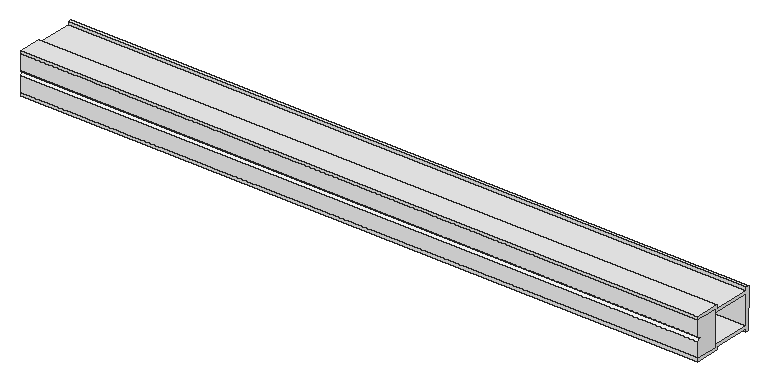
Revit family "4070748+4070746 Feilo Sylvania Lighting Fixture CURSUS 591MM 385LM WIDE LED 4K with CONTINUOUS WALL HOUSING", category Lighting Fixtures, host Face, Revit 2017
Family settings
  Host = Face
  Round Connector Dimension = Use Diameter
  Part Type = Normal
  OmniClass Number = 23.80.70.14
  OmniClass Title = Luminaries for External Lighting
  Cut with Voids When Loaded = Yes
  Light Source = Yes
  Shared = Yes
  Room Calculation Point = No
Parameters (values of type "4070748 CURSUS 591MM 385LM WIDE LED 4K")
  Width_FEILO = 35 mm
  Weight = "1.2 kg"
  Wattage Comments = "n/a"
  Wattage = 9 W
  WarrantyStartDate [instance] = "n/a"
  WarrantyGuarantorParts = "n/a"
  WarrantyDurationUnit = "n/a"
  WarrantyDurationParts = "n/a"
  WarrantyDescription = "n/a"
  WallThickness_FEILO = 2.5 mm
  built-in parameter 1150110 = 1 (stored number, unit not read)
  Voltage = 24 V
  URL = "http://www.sylvania-lighting.com"
  TypeName = "CURSUS 591MM 385LM WIDE LED 4K"
  Type Image = <None>
  Type Comments = "n/a"
  built-in parameter 1114217 = 1 (stored number, unit not read)
  Tilt Angle = -90.00°
  built-in parameter 1150109 = 1 (stored number, unit not read)
  built-in parameter 1150134 = 12
  built-in parameter 1150113 = 1 (stored number, unit not read)
  SerialNumber [instance] = "n/a"
  ReflectorMaterial = none
  PowerFactor = 0
  PowerConsumption = "9 W"
  Photometric Web File = "4070748.ies"
  NominalLength = 591 mm
  NominalHeight = 50 mm
  NominalDepth = 30 mm
  Name = "CURSUS 591MM 385LM WIDE LED 4K"
  ModelReference = Name  # "CURSUS 591MM 385LM WIDE LED 4K"
  ModelNumber = "4070748"
  Model = Name  # "CURSUS 591MM 385LM WIDE LED 4K"
  Material = "natural anodised extruded aluminium structure housing"
  ManufacturerName = "Feilo Sylvania"
  Manufacturer = "Feilo Sylvania"
  LuminousEfficacy = "42.77 lm/W"
  built-in parameter 1150105 = 212.47 (stored number, unit not read)
  Lumens = 385 lm
  LuminaireType = ""
  built-in parameter 1150115 = 1 (stored number, unit not read)
  LightOutputRatio = "100"
  built-in parameter 1150137 = (empty or 0)
  built-in parameter 1150139 = (empty or 0)
  Length_FEILO = 597 mm
  LampsType = Lamp  # "LED"
  LampNominalLuminous = "385 lm"
  LampMacAdamStep = "n/a"
  LampColourTemperature = "4000 K"
  LampColourRenderingIndex = "80"
  built-in parameter 1150112 = 1 (stored number, unit not read)
  built-in parameter 1150114 = 1 (stored number, unit not read)
  Lamp = "LED"
  Keynote = "16500"
  InstallationDate [instance] = "n/a"
  InputVoltage = "24V DC"
  InputNominalFrequency = "n/a"
  built-in parameter 1150132 = (empty or 0)
  built-in parameter 1150102 = (empty or 0)
  built-in parameter 1150107 = 4000 (stored number, unit not read)
  built-in parameter 1150138 = (empty or 0)
  IngressProtection = "IP67"
  ImpactProtectionIndex = "IK07"
  built-in parameter 1150106 = 2.1247 (stored number, unit not read)
  IfcExportType = "IfcLightFixtureType"
  IfcExportAs = "IfcLightFixtureType"
  ExpectedLife = 50000
  EndCapRight [instance] = no
  EndCapLeft [instance] = no
  Emit from Rectangle Width = Width_FEILO - WallThickness_FEILO * 2  # 30 mm
  Emit from Rectangle Length = Length_FEILO - WallThickness_FEILO * 2  # 592 mm
  Emit Shape Visible in Rendering = no
  ElectricShockClassification = "Class III"
  built-in parameter 1150104 = 3.9742 (stored number, unit not read)
  DurationUnit = "hours"
  DocumentationLiterature = "http://www.sylvania-lighting.com/product/en-int/products/4070748"
  DimmingControlOptions = "n/a"
  Dimming Lamp Color Temperature Shift = <None>
  DiffuserMaterial = Diffuser-Sylvania-Glow
  Description = "LED Exterior Lighting Recessed Surface Mounted Linear Fixture, Natural anodised extruded aluminium structure. Die-cast aluminium end caps. Installation kit with harmonic steel springs., 385 lm, 9W,  42lm/W, 4000K, CRI80+,non dimmable,IP67, IK07, (HxWxD) 591x50x30mm, 3 step Mac Adam Ellipse, 1.2kg,, Classe III, 21-25V-DC, energy class : A++, A+, A"
  Default Elevation = 1219.2 mm
  CreatedOn = "1/8/2018"
  CreatedBy = ""
  Cost = 0
  Color Filter = 16777215
  built-in parameter 1114216 [instance] = (empty or 0)
  ClassificationValue = "EF_70_80"
  ClassificationName = "Uniclass2015"
  BodyMaterial = Body-Sylvania-Gray
  BarCode [instance] = "n/a"
  built-in parameter 1114218 = 1 (stored number, unit not read)
  built-in parameter 1150133 = 10 (stored number, unit not read)
  AssetType = "Fixed"
  AssetIdentifier [instance] = "n/a"
  Assembly Code = "D5020200"
  Apparent Load = 9 VA
  AccessoryMaterial = Diffuser-Sylvania-Glow
Reference planes
  plane 1 "Center (Front/Back)": y = 0
  plane 2: z = 0
  plane 3 "Center (Left/Right)": x = 0
  plane 4: x = 298.5
  plane 5: x = -298.5
  plane 6: x = -296
  plane 7: x = 296
  plane 8: z = 35
  plane 9: z = 17.5
  plane 10: z = 32.5
  plane 11: z = 2.5
  plane 12: z = 30
  plane 13: z = 5
  plane 14: y = -55
  plane 15: y = -53
  plane 16: y = -2.5
  plane 17: y = -37
  plane 18: y = -34.5
Forms (mm)
  Extrusion 1, solid, material "Body-Sylvania-Gray" <- "BodyMaterial"
    sketch origin (0, 0, 0) x (0, 1, 0) y (0, 0, 1)
      loop
        line (0, 35) -> (-2.5, 35) -> (-2.5, 32.5) -> (-34.5, 32.5) -> (-34.5, 35) -> (-55, 35) -> (-55, 32.5) -> (-37, 32.5) -> (-37, 30) -> (-2.5, 30) -> (-2.5, 5) -> (-37, 5) -> (-37, 2.5) -> (-55, 2.5) -> (-55, 0) -> (-34.5, 0) -> (-34.5, 2.5) -> (-2.5, 2.5) -> (-2.5, 0) -> (0, 0) -> (0, 35)
    from -296 to 296
  Extrusion 2, solid, material "Diffuser-Sylvania-Glow" <- "DiffuserMaterial"
    sketch origin (0, 0, 0) x (0, 1, 0) y (0, 0, 1)
      loop
        line (-37, 32.5) -> (-55, 32.5) -> (-55, 19.5) -> (-53, 17.5) -> (-55, 15.5) -> (-55, 2.5) -> (-37, 2.5) -> (-37, 32.5)
    from -296 to 296
  Extrusion 3, solid, material "Body-Sylvania-Gray" <- "BodyMaterial", visible <- "EndCapRight"
    sketch origin (296, 1524, 1219.2) x (0, 1, 0) y (0, 0, 1)
      loop
        line (-1579, -1184.2) -> (-1579, -1219.2) -> (-1524, -1219.2) -> (-1524, -1184.2) -> (-1579, -1184.2)
    from 0 to 2.5
  Extrusion 4, solid, material "Body-Sylvania-Gray" <- "BodyMaterial", visible <- "EndCapLeft"
    sketch origin (-296, 1524, 1219.2) x (0, 1, 0) y (0, 0, 1)
      loop
        line (-1579, -1184.2) -> (-1579, -1219.2) -> (-1524, -1219.2) -> (-1524, -1184.2) -> (-1579, -1184.2)
    from -2.5 to 0
Dimensions and locks
  equal spacing: plane 5, plane 3 "Center (Left/Right)", plane 4
  "Length_FEILO": plane 5 to plane 4
  equal spacing: plane 6, plane 3 "Center (Left/Right)", plane 7
  "WallThickness_FEILO": plane 5 to plane 6
  locked: plane 9 to plane 2 at 17.5
  locked: plane 8 to plane 2 at 35
  equal spacing: plane 11, plane 9, plane 10
  equal spacing: plane 13, plane 9, plane 12
  "WallThickness_FEILO": plane 12 to plane 10
  locked: plane 14 to plane 15 at 2
  locked: plane 14 to plane 17 at 18
  "WallThickness_FEILO": plane 17 to plane 18
  "WallThickness_FEILO": plane 16 to plane 1 "Center (Front/Back)"
  locked: plane 15 to Extrusion 2 sketch curve (angle 45.00°)
  locked: Extrusion 2 sketch curve to plane 15 (angle 45.00°)
  aligned and locked: plane 2 to host face
  aligned and locked: level to host face
  aligned and locked: plane 1 "Center (Front/Back)" to Extrusion 1 sketch curve
  aligned and locked: Extrusion 1 sketch curve to plane 8  (x2)
  aligned and locked: plane 16 to Extrusion 1 sketch curve
  aligned and locked: host face to Extrusion 1 sketch curve
  aligned and locked: Extrusion 1 sketch curve to plane 16  (x2)
  aligned and locked: Extrusion 1 sketch curve to plane 11
  aligned and locked: plane 18 to Extrusion 1 sketch curve
  aligned and locked: level to Extrusion 1 sketch curve
  aligned and locked: plane 11 to Extrusion 1 sketch curve
  aligned and locked: Extrusion 1 sketch curve to plane 17
  aligned and locked: plane 13 to Extrusion 1 sketch curve
  aligned and locked: Extrusion 1 sketch curve to plane 12
  aligned and locked: plane 10 to Extrusion 1 sketch curve  (x2)
  aligned and locked: plane 17 to Extrusion 1 sketch curve  (x2)
  aligned and locked: plane 12 to Extrusion 1 sketch curve
  aligned and locked: Extrusion 1 sketch curve to plane 10
  aligned and locked: Extrusion 1 sketch curve to plane 18
  aligned and locked: plane 7 to Extrusion 1
  aligned and locked: Extrusion 1 to plane 6
  aligned and locked: Extrusion 2 sketch curve to Extrusion 1  (x4)
  aligned and locked: Extrusion 1 to Extrusion 2 sketch curve
  aligned and locked: plane 9 to Extrusion 2 sketch curve
  aligned and locked: plane 7 to Extrusion 2
  aligned and locked: Extrusion 2 to plane 6
  aligned and locked: Extrusion 3 sketch curve to Extrusion 1  (x4)
  aligned and locked: plane 4 to Extrusion 3
  aligned and locked: Extrusion 3 to plane 7
  aligned and locked: Extrusion 4 sketch curve to Extrusion 3  (x3)
  aligned and locked: Extrusion 4 sketch curve to Extrusion 1
  aligned and locked: Extrusion 4 to plane 5
  aligned and locked: plane 6 to Extrusion 4
  aligned and locked: plane 14 to imposter light
  aligned and locked: imposter light to plane 9
  aligned and locked: plane 3 "Center (Left/Right)" to imposter light
Automatic sketch dimensions
  host sketch curve to host sketch curve = 2438.4 mm  (x2)
  Extrusion 1 sketch curve to plane 14 = 0 mm  (x2)
  Extrusion 2 sketch curve to plane 15 = 0 mm
Connectors
  electrical at (0, 0, 0), driven by "Apparent Load", driven by "PowerFactor", driven by "Voltage"
    settings: index 1, voltage 24 V, apparent load 9 VA, apparent load phase1 0 VA, apparent load phase2 0 VA, apparent load phase3 0 VA, power factor 0, load classification "Lighting", number of poles 1, system type 30, power factor state 1, is connector primary yes, connector utility no, sub classification motor no, connector description ""
